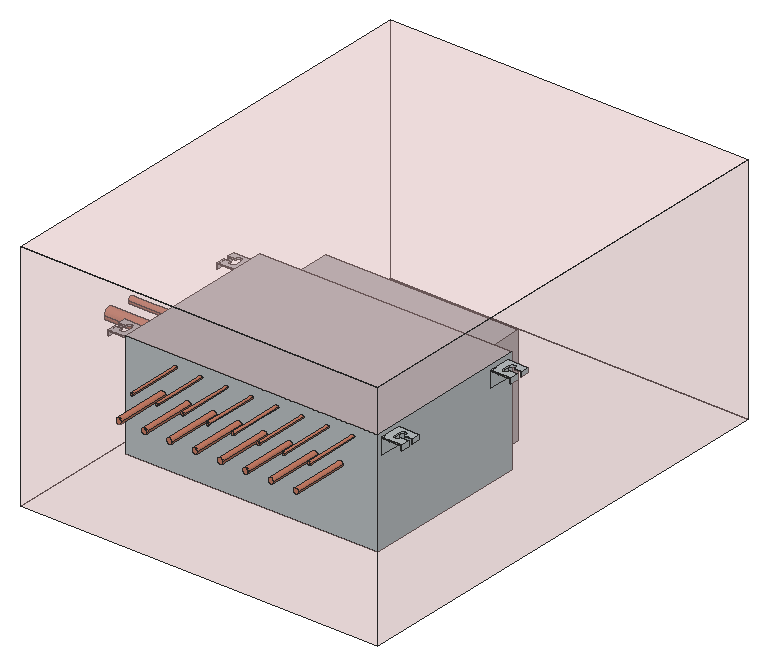
Revit family "CMB-M108V-KB1(-TR)", category 機械設備, Revit 2016
Family settings
  ホスト = 天井
  パーツ タイプ = 標準
  丸型コネクタ寸法 = 半径を使用
  OmniClass 番号 = 23.75.00.00
  OmniClass タイトル = Climate Control (HVAC)
  常に垂直 = はい
  ロード時にボイドで切り取り = いいえ
  共有 = いいえ
  部屋の計算ポイント = いいえ
Parameters (values of type "CMB-M108V-KB1(-TR)_240V_60Hz")
  説明 = "BC controller"
  製造元 = "Mitsubishi Electric Corporation"
  モデル = "CMB-M108V-KB1(-TR)"
  Width = 596.00 mm
  WarrantyStart = ""
  Voltage = 240 V
  Unit Weight (kg) = 31
  URL = "http://www.mitsubishielectric.com/"
  The maximum number of connectable Sub BC controllers = 11
  The maximum connectable capacity of indoor units = "P/M350 for each"
  TagNumber = 0
  Subcategory = "HVAC"
  Space View = yes
  Sound Pressure Level (Rated operation) (dB(A)) = "40"
  Sound Pressure Level (Defrost) (dB(A)) = 53
  Sound Power Level (Rated operation) (dB(A)) = "59"
  Sound Power Level (Defrost) (dB(A)) = 71
  SerialNumber = 0
  ReplacementYear = ""
  Phase = 1
  Number of branch = 8
  InstallationDate = ""
  Hertz = 60 Hz
  Height = 250.00 mm
  Heating Power Input (kW) = 0.06
  Heating Current (A) = 0.25
  External Finish = "Galvanized steel plate\r\n(Lower part drain pan: Pre-coated galvanized sheets + powder coating)"
  Equip_description = ""
  Equip_No. = 0
  Equip_ID = ""
  Drain pipe_radius = 16.00 mm
  Description = ""
  Depth = 476.00 mm
  CreatedOn = ""
  CreatedBy = ""
  Cooling Power Input (kW) = 0.119
  Cooling Current (A) = 0.5
  Connection pipe of other BC controller to P801 to P1000 (Low pressure Pipe)_radius = 20.64 mm
  Connection pipe of other BC controller to P801 to P1000 (Liquid Pipe)_radius = 9.525 mm
  Connection pipe of other BC controller to P801 to P1000 (High pressure Pipe)_radius = 14.29 mm
  Connection pipe of other BC controller to P651 to P800 (Low pressure Pipe)_radius = 17.465 mm
  Connection pipe of other BC controller to P651 to P800 (Liquid Pipe)_radius = 9.525 mm
  Connection pipe of other BC controller to P651 to P800 (High pressure Pipe)_radius = 14.29 mm
  Connection pipe of other BC controller to P601 to P650 (Low pressure Pipe)_radius = 14.29 mm
  Connection pipe of other BC controller to P601 to P650 (Liquid Pipe)_radius = 7.94 mm
  Connection pipe of other BC controller to P601 to P650 (High pressure Pipe)_radius = 14.29 mm
  Connection pipe of other BC controller to P401 to P600 (Low pressure Pipe)_radius = 14.29 mm
  Connection pipe of other BC controller to P401 to P600 (Liquid Pipe)_radius = 7.94 mm
  Connection pipe of other BC controller to P401 to P600 (High pressure Pipe)_radius = 11.10 mm
  Connection pipe of other BC controller to P351 to P400 (Low pressure Pipe)_radius = 14.29 mm
  Connection pipe of other BC controller to P351 to P400 (Liquid Pipe)_radius = 6.35 mm
  Connection pipe of other BC controller to P351 to P400 (High pressure Pipe)_radius = 11.10 mm
  Connection pipe of other BC controller to P301 to P350 (Low pressure Pipe)_radius = 14.29 mm
  Connection pipe of other BC controller to P301 to P350 (Liquid Pipe)_radius = 6.35 mm
  Connection pipe of other BC controller to P301 to P350 (High pressure Pipe)_radius = 9.525 mm
  Connection pipe of other BC controller to P201 to P300 (Low pressure Pipe)_radius = 11.10 mm
  Connection pipe of other BC controller to P201 to P300 (Liquid Pipe)_radius = 4.76 mm
  Connection pipe of other BC controller to P201 to P300 (High pressure Pipe)_radius = 9.525 mm
  Connection pipe of other BC controller to P200/M200 (Low pressure Pipe)_radius = 9.525 mm
  Connection pipe of other BC controller to P200/M200 (Liquid Pipe)_radius = 4.76 mm
  Connection pipe of other BC controller to P200/M200 (High pressure Pipe)_radius = 7.94 mm
  Connection pipe of other BC controller to P1001 ot above (High pressure Pipe)_radius = 17.465 mm
  Connection pipe of other BC controller to P1001 or above (Low pressure Pipe)_radius = 20.64 mm
  Connection pipe of other BC controller to P1001 or above (Liquid Pipe)_radius = 9.525 mm
  Connection pipe of other BC controller to M401 to M450 (Low pressure Pipe)_radius = 14.29 mm
  Connection pipe of other BC controller to M401 to M450 (Liquid Pipe)_radius = 7.94 mm
  Connection pipe of other BC controller to M401 to M450 (High pressure Pipe)_radius = 9.525 mm
  Connection pipe of other BC controller to M351 to M400 (Low pressure Pipe)_radius = 14.29 mm
  Connection pipe of other BC controller to M351 to M400 (Liquid Pipe)_radius = 6.35 mm
  Connection pipe of other BC controller to M351 to M400 (High pressure Pipe)_radius = 9.525 mm
  Connection pipe of other BC controller to M301 to M350 (Low pressure Pipe)_radius = 14.29 mm
  Connection pipe of other BC controller to M301 to M350 (Liquid Pipe)_radius = 6.35 mm
  Connection pipe of other BC controller to M301 to M350 (High pressure Pipe)_radius = 7.94 mm
  Connection pipe of other BC controller to M201 to M300 (Low pressure Pipe)_radius = 11.10 mm
  Connection pipe of other BC controller to M201 to M300 (Liquid Pipe)_radius = 4.76 mm
  Connection pipe of other BC controller to M201 to M300 (High pressure Pipe)_radius = 7.94 mm
  Connection pipe of indoor unit (Liquid Pipe)_radius (O.D.) = "Indoor unit Model 50 or smaller 3.175 Brazed\r\nbigger than 50 4.76 Brazed"
  Connection pipe of indoor unit (Gas Pipe)_radius (O.D.) = "Indoor unit Model 50 or smaller 6.35 Brazed\r\nbigger than 50 7.94 Brazed\r\n(9.525, 11.1 with optional joint pipe used.)"
  Connectable Main BC controller = "CMB-M108/1012/1016V-JA1(-TR), CMB-P1016V-KA1(-TR)"
  Category = ""
  Barcode = ""
  AssetIdentifier = ""
Types (6, lengths in mm): name | Voltage | Hertz | Heating Power Input (kW) | Heating Current (A) | Cooling Power Input (kW) | Cooling Current (A)
  CMB-M108V-KB1(-TR)_220V_50Hz | 220 V | 50 Hz | 0.06 | 0.28 | 0.119 | 0.55
  CMB-M108V-KB1(-TR)_220V_60Hz | 220 V | 60 Hz | 0.048 | 0.22 | 0.096 | 0.44
  CMB-M108V-KB1(-TR)_230V_50Hz | 230 V | 50 Hz | 0.068 | 0.3 | 0.135 | 0.59
  CMB-M108V-KB1(-TR)_230V_60Hz | 230 V | 60 Hz | 0.054 | 0.24 | 0.108 | 0.47
  CMB-M108V-KB1(-TR)_240V_50Hz | 240 V | 50 Hz | 0.076 | 0.32 | 0.151 | 0.63
  CMB-M108V-KB1(-TR)_240V_60Hz | 240 V | 60 Hz | 0.06 | 0.25 | 0.119 | 0.5
Reference planes
  plane 1 "Center (Front/Back)": y = 0
  plane 2: z = 0
  plane 3 "Center (Left/Right)": x = 0
  plane 4 "Ceiling": z = 0
  plane 5: x = 18.001
  plane 6: x = -1461.999
  plane 7: y = 963.043
  plane 8: y = 1625.043
  plane 9: y = 1625.043
  plane 10: y = 1625.043
  plane 11: y = 225.043
  plane 12: y = -424.957
  plane 13: y = -271.474
  plane 14: y = 199
  plane 15: y = -199
  plane 16: x = -298
  plane 17: x = 298
  plane 18: z = 450.005
  plane 19: z = 200.005
Forms (mm)
  Extrusion 1, solid, material "Plated steel"
    sketch origin (-719.999, 26, 4152.985) x (-1, 0, 0) y (0, -1, 0)
      loop
        line (-1017.999, 225) -> (-1017.999, -173) -> (-421.999, -173) -> (-421.999, 225) -> (-1017.999, 225)
    from -3952.98 to -3702.98
  Extrusion 2, solid, material "Plated steel"
    sketch origin (609.8, 1.043, 4123.43) x (-1, 0, 0) y (0, 0, 1)
      loop
        line (813.903, -3678.196) -> (359.8, -3678.196) -> (359.8, -3913.425) -> (813.903, -3913.425) -> (813.903, -3678.196)
    from 197.957 to 275.957
  Extrusion 3, solid, material "Service space", visible <- "Space View"
    sketch origin (0.001, 0.043, 4120) x (1, 0, 0) y (0, 1, 0)
      loop
        line (297.999, -199.043) -> (297.999, 898.957) -> (-548.001, 898.957) -> (-548.001, -199.043) -> (297.999, -199.043)
    from -4120 to -3570
  Extrusion 4, solid, material "Copper"
    sketch origin (5463.716, -199, 4149.796) x (-1, 0, 0) y (0, 0, -1)
      loop
        circle (5643.716, 3724.791) r 3.175
    from 0 to 130
  Extrusion 5, solid, material "Copper"
    sketch origin (5523.716, -199, 4149.796) x (-1, 0, 0) y (0, 0, -1)
      loop
        circle (5643.716, 3724.791) r 3.175
    from 0 to 130
  Extrusion 6, solid, material "Copper"
    sketch origin (5583.716, -199, 4149.796) x (-1, 0, 0) y (0, 0, -1)
      loop
        circle (5643.716, 3724.791) r 3.175
    from 0 to 130
  Extrusion 7, solid, material "Copper"
    sketch origin (5643.716, -199, 4149.796) x (-1, 0, 0) y (0, 0, -1)
      loop
        circle (5643.716, 3724.791) r 3.175
    from 0 to 130
  Extrusion 8, solid, material "Copper"
    sketch origin (5703.716, -199, 4149.796) x (-1, 0, 0) y (0, 0, -1)
      loop
        circle (5643.716, 3724.791) r 3.175
    from 0 to 130
  Extrusion 9, solid, material "Copper"
    sketch origin (5763.716, -199, 4149.796) x (-1, 0, 0) y (0, 0, -1)
      loop
        circle (5643.716, 3724.791) r 3.175
    from 0 to 130
  Extrusion 10, solid, material "Copper"
    sketch origin (5823.716, -199, 4149.796) x (-1, 0, 0) y (0, 0, -1)
      loop
        circle (5643.716, 3724.791) r 3.175
    from 0 to 130
  Extrusion 11, solid, material "Copper"
    sketch origin (5883.716, -199, 4149.796) x (-1, 0, 0) y (0, 0, -1)
      loop
        circle (5643.716, 3724.791) r 3.175
    from 0 to 130
  Extrusion 12, solid, material "Copper"
    sketch origin (5463.716, -199, 4149.796) x (-1, 0, 0) y (0, 0, -1)
      loop
        circle (5673.716, 3792.791) r 6.35
    from 0 to 130
  Extrusion 13, solid, material "Copper"
    sketch origin (5523.716, -199, 4149.796) x (-1, 0, 0) y (0, 0, -1)
      loop
        circle (5673.716, 3792.791) r 6.35
    from 0 to 130
  Extrusion 14, solid, material "Copper"
    sketch origin (5583.716, -199, 4149.796) x (-1, 0, 0) y (0, 0, -1)
      loop
        circle (5673.716, 3792.791) r 6.35
    from 0 to 130
  Extrusion 15, solid, material "Copper"
    sketch origin (5643.716, -199, 4149.796) x (-1, 0, 0) y (0, 0, -1)
      loop
        circle (5673.716, 3792.791) r 6.35
    from 0 to 130
  Extrusion 16, solid, material "Copper"
    sketch origin (5703.716, -199, 4149.796) x (-1, 0, 0) y (0, 0, -1)
      loop
        circle (5673.716, 3792.791) r 6.35
    from 0 to 130
  Extrusion 17, solid, material "Copper"
    sketch origin (5763.716, -199, 4149.796) x (-1, 0, 0) y (0, 0, -1)
      loop
        circle (5673.716, 3792.791) r 6.35
    from 0 to 130
  Extrusion 18, solid, material "Copper"
    sketch origin (5823.716, -199, 4149.796) x (-1, 0, 0) y (0, 0, -1)
      loop
        circle (5673.716, 3792.791) r 6.35
    from 0 to 130
  Extrusion 19, solid, material "Copper"
    sketch origin (5883.716, -199, 4149.796) x (-1, 0, 0) y (0, 0, -1)
      loop
        circle (5673.716, 3792.791) r 6.35
    from 0 to 130
  Extrusion 20, solid, material "Copper"
    sketch origin (-298, 251, 4152.985) x (0, -1, 0) y (0, 0, 1)
      loop
        circle (349, -3740.98) r 14.29
    from 0 to 120
  Extrusion 21, solid, material "Copper"
    sketch origin (-298, 251, 4152.985) x (0, -1, 0) y (0, 0, 1)
      loop
        circle (183, -3823.98) r 9.525
    from 0 to 89
  Extrusion 22, solid
    sketch origin (-298, 251, 4152.985) x (0, -1, 0) y (0, 0, 1)
      loop
        circle (251, -3923.98) r 16
    from 0 to 20
  Extrusion 23, solid, material "Copper"
    sketch origin (-298, 251, 4152.985) x (0, -1, 0) y (0, 0, 1)
      loop
        circle (284, -3740.98) r 7.94
    from 0 to 120
Lines and regions (mm)
  model lines, visible <- "Space View"
    curve 1: line (-225, 899, 0) -> (225, 899, 0)
    curve 2: line (225, 899, 0) -> (225, 449, 0)
    curve 3: line (225, 449, 0) -> (-225, 449, 0)
    curve 4: line (-225, 449, 0) -> (-225, 899, 0)
    curve 5: line (225, 899, 0) -> (-225, 449, 0)
    curve 6: line (-225, 899, 0) -> (225, 449, 0)
Dimensions and locks
  equal spacing: host sketch curve, plane 3 "Center (Left/Right)", host sketch curve
  equal spacing: host sketch curve, plane 1 "Center (Front/Back)", host sketch curve
  host sketch curve to host sketch curve = 4000.00 mm  (x2)
  locked: plane 4 "Ceiling" to host ceiling at 0
  Extrusion 1 sketch curve to Extrusion 1 sketch curve = 596.00 mm  (x2)
  Extrusion 1 sketch curve to Extrusion 1 sketch curve = 398.00 mm
  Extrusion 1 to plane 3 "Center (Left/Right)" = 298.00 mm
  Extrusion 1 to Extrusion 1 = 596.00 mm
  Extrusion 1 to plane 1 "Center (Front/Back)" = 199.00 mm
  Extrusion 2 to Extrusion 2 = 78.00 mm
  Extrusion 1 to Extrusion 4 sketch curve = 118.00 mm
  Extrusion 1 to Extrusion 12 sketch curve = 88.00 mm
  Extrusion 20 sketch curve to Extrusion 1 = 101.00 mm
  Extrusion 1 to Extrusion 20 sketch curve = 38.00 mm
  Extrusion 21 sketch curve to Extrusion 1 = 267.00 mm
  Extrusion 1 to Extrusion 21 sketch curve = 121.00 mm
  Extrusion 22 sketch curve to Extrusion 1 = 199.00 mm
  Extrusion 1 to nested 1 = 35.00 mm
  nested 2 to nested 1 = 323.00 mm
  Extrusion 1 to Extrusion 3 = 99.995 mm
  Extrusion 3 to Extrusion 1 = 200.005 mm
  Extrusion 3 to Extrusion 1 = 250.00 mm
  Extrusion 3 sketch curve to Extrusion 1 = 250.00 mm
  Extrusion 3 to Extrusion 1 = 700.00 mm
  Extrusion 11 to Extrusion 3 = 130.00 mm
  Extrusion 3 to Extrusion 1 = 398.00 mm
  Extrusion 1 to Extrusion 3 = 596.00 mm
  nested 3 to nested 1 = 648.00 mm
  Extrusion 1 to Extrusion 1 = 250.00 mm
  Extrusion 1 to level = 200.005 mm
  Extrusion 3 to Extrusion 1 = 99.995 mm
  Extrusion 1 to Extrusion 22 = 221.00 mm
  Extrusion 1 to Extrusion 22 sketch curve = 221.00 mm
  plane 1 "Center (Front/Back)" to Extrusion 3 = 199.00 mm
  Extrusion 1 to Extrusion 21 = 121.00 mm
  Extrusion 22 to plane 16 = 20.00 mm
  Extrusion 1 to nested 3 = 11.00 mm
  Extrusion 20 to plane 16 = 120.00 mm
  Extrusion 21 to Extrusion 1 = 89.00 mm
  Extrusion 23 sketch curve to Extrusion 1 = 166.00 mm
  Extrusion 1 to Extrusion 23 sketch curve = 38.00 mm
  diameter of Extrusion 4 sketch curve = 6.35 mm
  diameter of Extrusion 5 sketch curve = 6.35 mm
  diameter of Extrusion 6 sketch curve = 6.35 mm
  diameter of Extrusion 7 sketch curve = 6.35 mm
  diameter of Extrusion 8 sketch curve = 6.35 mm
  diameter of Extrusion 9 sketch curve = 6.35 mm
  diameter of Extrusion 10 sketch curve = 6.35 mm
  diameter of Extrusion 11 sketch curve = 6.35 mm
  diameter of Extrusion 12 sketch curve = 12.70 mm
  diameter of Extrusion 13 sketch curve = 12.70 mm
  diameter of Extrusion 14 sketch curve = 12.70 mm
  diameter of Extrusion 15 sketch curve = 12.70 mm
  diameter of Extrusion 16 sketch curve = 12.70 mm
  diameter of Extrusion 17 sketch curve = 12.70 mm
  diameter of Extrusion 18 sketch curve = 12.70 mm
  diameter of Extrusion 19 sketch curve = 12.70 mm
  diameter of Extrusion 20 sketch curve = 28.58 mm
  diameter of Extrusion 21 sketch curve = 19.05 mm
  diameter of Extrusion 22 sketch curve = 32.00 mm
  diameter of Extrusion 20 = 28.58 mm
  diameter of Extrusion 21 = 19.05 mm
  diameter of Extrusion 22 = 32.00 mm
  diameter of Extrusion 23 sketch curve = 15.88 mm
  aligned and locked: Extrusion 2 to Extrusion 1
Nested families
  nested 1: "Leg" at (325, -164, 441.305) x (0, 1, 0) z (0, 0, 1), type "Leg"
  nested 2: "Leg" at (325, 159, 441.305) x (0, 1, 0) z (0, 0, 1), type "Leg"
  nested 3: "Leg" at (-325, -164, 441.305) x (0, 1, 0) z (0, 0, 1), type "Leg"
  nested 4: "Leg" at (-325, 159, 441.305) x (0, 1, 0) z (0, 0, 1), type "Leg"
Connectors
  piping at (-180, -329, 425.005), diameter 6.36
    settings: on Extrusion 4, index 1, connector inside diameter 609.6 mm, connector length 0.00 mm, flow factor 0, pipe flow 0.0 L/s, pressure drop 0.0 Pa, fitting loss kfactor 0, connector angle 0.00°, fixture units 0, engagement length 0.00 mm, angle of deflection 0.00°, flow configuration 0, flow direction 0, fitting loss method 0, system type 22, joint type 0, gender type 0, connector reference index -1, connector utility 0, adjustable connector no, is connector primary yes, connector description "indoor unit (Liquid)"
  piping at (-120, -329, 425.005), diameter 6.36
    settings: on Extrusion 5, index 2, connector inside diameter 609.6 mm, connector length 0.00 mm, flow factor 0, pipe flow 0.0 L/s, pressure drop 0.0 Pa, fitting loss kfactor 0, connector angle 0.00°, fixture units 0, engagement length 0.00 mm, angle of deflection 0.00°, flow configuration 0, flow direction 0, fitting loss method 0, system type 22, joint type 0, gender type 0, connector reference index -1, connector utility 0, adjustable connector no, is connector primary no, connector description "indoor unit (Liquid)"
  piping at (-60, -329, 425.005), diameter 6.36
    settings: on Extrusion 6, index 3, connector inside diameter 609.6 mm, connector length 0.00 mm, flow factor 0, pipe flow 0.0 L/s, pressure drop 0.0 Pa, fitting loss kfactor 0, connector angle 0.00°, fixture units 0, engagement length 0.00 mm, angle of deflection 0.00°, flow configuration 0, flow direction 0, fitting loss method 0, system type 22, joint type 0, gender type 0, connector reference index -1, connector utility 0, adjustable connector no, is connector primary no, connector description "indoor unit (Liquid)"
  piping at (0, -329, 425.005), diameter 6.36
    settings: on Extrusion 7, index 4, connector inside diameter 609.6 mm, connector length 0.00 mm, flow factor 0, pipe flow 0.0 L/s, pressure drop 0.0 Pa, fitting loss kfactor 0, connector angle 0.00°, fixture units 0, engagement length 0.00 mm, angle of deflection 0.00°, flow configuration 0, flow direction 0, fitting loss method 0, system type 22, joint type 0, gender type 0, connector reference index -1, connector utility 0, adjustable connector no, is connector primary no, connector description "indoor unit (Liquid)"
  piping at (60, -329, 425.005), diameter 6.36
    settings: on Extrusion 8, index 5, connector inside diameter 609.6 mm, connector length 0.00 mm, flow factor 0, pipe flow 0.0 L/s, pressure drop 0.0 Pa, fitting loss kfactor 0, connector angle 0.00°, fixture units 0, engagement length 0.00 mm, angle of deflection 0.00°, flow configuration 0, flow direction 0, fitting loss method 0, system type 22, joint type 0, gender type 0, connector reference index -1, connector utility 0, adjustable connector no, is connector primary no, connector description "indoor unit (Liquid)"
  piping at (120, -329, 425.005), diameter 6.36
    settings: on Extrusion 9, index 6, connector inside diameter 609.6 mm, connector length 0.00 mm, flow factor 0, pipe flow 0.0 L/s, pressure drop 0.0 Pa, fitting loss kfactor 0, connector angle 0.00°, fixture units 0, engagement length 0.00 mm, angle of deflection 0.00°, flow configuration 0, flow direction 0, fitting loss method 0, system type 22, joint type 0, gender type 0, connector reference index -1, connector utility 0, adjustable connector no, is connector primary no, connector description "indoor unit (Liquid)"
  piping at (180, -329, 425.005), diameter 6.36
    settings: on Extrusion 10, index 7, connector inside diameter 609.6 mm, connector length 0.00 mm, flow factor 0, pipe flow 0.0 L/s, pressure drop 0.0 Pa, fitting loss kfactor 0, connector angle 0.00°, fixture units 0, engagement length 0.00 mm, angle of deflection 0.00°, flow configuration 0, flow direction 0, fitting loss method 0, system type 22, joint type 0, gender type 0, connector reference index -1, connector utility 0, adjustable connector no, is connector primary no, connector description "indoor unit (Liquid)"
  piping at (240, -329, 425.005), diameter 6.36
    settings: on Extrusion 11, index 8, connector inside diameter 609.6 mm, connector length 0.00 mm, flow factor 0, pipe flow 0.0 L/s, pressure drop 0.0 Pa, fitting loss kfactor 0, connector angle 0.00°, fixture units 0, engagement length 0.00 mm, angle of deflection 0.00°, flow configuration 0, flow direction 0, fitting loss method 0, system type 22, joint type 0, gender type 0, connector reference index -1, connector utility 0, adjustable connector no, is connector primary no, connector description "indoor unit (Liquid)"
  piping at (-210, -329, 357.005), diameter 12.7
    settings: on Extrusion 12, index 9, connector inside diameter 609.6 mm, connector length 0.00 mm, flow factor 0, pipe flow 0.0 L/s, pressure drop 0.0 Pa, fitting loss kfactor 0, connector angle 0.00°, fixture units 0, engagement length 0.00 mm, angle of deflection 0.00°, flow configuration 0, flow direction 0, fitting loss method 0, system type 22, joint type 0, gender type 0, connector reference index -1, connector utility 0, adjustable connector no, is connector primary no, connector description "indoor unit (Gas)"
  piping at (-150, -329, 357.005), diameter 12.7
    settings: on Extrusion 13, index 10, connector inside diameter 609.6 mm, connector length 0.00 mm, flow factor 0, pipe flow 0.0 L/s, pressure drop 0.0 Pa, fitting loss kfactor 0, connector angle 0.00°, fixture units 0, engagement length 0.00 mm, angle of deflection 0.00°, flow configuration 0, flow direction 0, fitting loss method 0, system type 22, joint type 0, gender type 0, connector reference index -1, connector utility 0, adjustable connector no, is connector primary no, connector description "indoor unit (Gas)"
  piping at (-90, -329, 357.005), diameter 12.7
    settings: on Extrusion 14, index 11, connector inside diameter 609.6 mm, connector length 0.00 mm, flow factor 0, pipe flow 0.0 L/s, pressure drop 0.0 Pa, fitting loss kfactor 0, connector angle 0.00°, fixture units 0, engagement length 0.00 mm, angle of deflection 0.00°, flow configuration 0, flow direction 0, fitting loss method 0, system type 22, joint type 0, gender type 0, connector reference index -1, connector utility 0, adjustable connector no, is connector primary no, connector description "indoor unit (Gas)"
  piping at (-30, -329, 357.005), diameter 12.7
    settings: on Extrusion 15, index 12, connector inside diameter 609.6 mm, connector length 0.00 mm, flow factor 0, pipe flow 0.0 L/s, pressure drop 0.0 Pa, fitting loss kfactor 0, connector angle 0.00°, fixture units 0, engagement length 0.00 mm, angle of deflection 0.00°, flow configuration 0, flow direction 0, fitting loss method 0, system type 22, joint type 0, gender type 0, connector reference index -1, connector utility 0, adjustable connector no, is connector primary no, connector description "indoor unit (Gas)"
  piping at (30, -329, 357.005), diameter 12.7
    settings: on Extrusion 16, index 13, connector inside diameter 609.6 mm, connector length 0.00 mm, flow factor 0, pipe flow 0.0 L/s, pressure drop 0.0 Pa, fitting loss kfactor 0, connector angle 0.00°, fixture units 0, engagement length 0.00 mm, angle of deflection 0.00°, flow configuration 0, flow direction 0, fitting loss method 0, system type 22, joint type 0, gender type 0, connector reference index -1, connector utility 0, adjustable connector no, is connector primary no, connector description "indoor unit (Gas)"
  piping at (90, -329, 357.005), diameter 12.7
    settings: on Extrusion 17, index 14, connector inside diameter 609.6 mm, connector length 0.00 mm, flow factor 0, pipe flow 0.0 L/s, pressure drop 0.0 Pa, fitting loss kfactor 0, connector angle 0.00°, fixture units 0, engagement length 0.00 mm, angle of deflection 0.00°, flow configuration 0, flow direction 0, fitting loss method 0, system type 22, joint type 0, gender type 0, connector reference index -1, connector utility 0, adjustable connector no, is connector primary no, connector description "indoor unit (Gas)"
  piping at (150, -329, 357.005), diameter 12.7
    settings: on Extrusion 18, index 15, connector inside diameter 609.6 mm, connector length 0.00 mm, flow factor 0, pipe flow 0.0 L/s, pressure drop 0.0 Pa, fitting loss kfactor 0, connector angle 0.00°, fixture units 0, engagement length 0.00 mm, angle of deflection 0.00°, flow configuration 0, flow direction 0, fitting loss method 0, system type 22, joint type 0, gender type 0, connector reference index -1, connector utility 0, adjustable connector no, is connector primary no, connector description "indoor unit (Gas)"
  piping at (210, -329, 357.005), diameter 12.7
    settings: on Extrusion 19, index 16, connector inside diameter 609.6 mm, connector length 0.00 mm, flow factor 0, pipe flow 0.0 L/s, pressure drop 0.0 Pa, fitting loss kfactor 0, connector angle 0.00°, fixture units 0, engagement length 0.00 mm, angle of deflection 0.00°, flow configuration 0, flow direction 0, fitting loss method 0, system type 22, joint type 0, gender type 0, connector reference index -1, connector utility 0, adjustable connector no, is connector primary no, connector description "indoor unit (Gas)"
  piping at (-418, -98, 412.005), diameter 28.58
    settings: on Extrusion 20, index 17, connector inside diameter 609.6 mm, connector length 0.00 mm, flow factor 0, pipe flow 0.0 L/s, pressure drop 0.0 Pa, fitting loss kfactor 0, connector angle 0.00°, fixture units 0, engagement length 0.00 mm, angle of deflection 0.00°, flow configuration 0, flow direction 0, fitting loss method 0, system type 22, joint type 0, gender type 0, connector reference index -1, connector utility 0, adjustable connector no, is connector primary no, connector description "MAIN BC CONTROLLER(Low pressure)"
  piping at (-387, 68, 329.005), diameter 19.06
    settings: on Extrusion 21, index 19, connector inside diameter 609.6 mm, connector length 0.00 mm, flow factor 0, pipe flow 0.0 L/s, pressure drop 0.0 Pa, fitting loss kfactor 0, connector angle 0.00°, fixture units 0, engagement length 0.00 mm, angle of deflection 0.00°, flow configuration 0, flow direction 0, fitting loss method 0, system type 22, joint type 0, gender type 0, connector reference index -1, connector utility 0, adjustable connector no, is connector primary no, connector description "MAIN BC CONTROLLER(High pressure)"
  piping at (-318, 0, 229.005), diameter 32
    settings: on Extrusion 22, index 20, connector inside diameter 609.6 mm, connector length 0.00 mm, flow factor 0, pipe flow 0.0 L/s, pressure drop 0.0 Pa, fitting loss kfactor 0, connector angle 0.00°, fixture units 0, engagement length 0.00 mm, angle of deflection 0.00°, flow configuration 0, flow direction 2, fitting loss method 0, system type 22, joint type 0, gender type 0, connector reference index -1, connector utility 0, adjustable connector no, is connector primary no, connector description "Drain"
  electrical at (250, 238, 327.62), driven by "Phase", driven by "Voltage"
    settings: on Extrusion 2, index 21, voltage 240 V, apparent load 0 VA, apparent load phase1 0 VA, apparent load phase2 0 VA, apparent load phase3 0 VA, power factor 1, load classification "その他", number of poles 1, system type 30, power factor state 1, is connector primary yes, connector utility no, sub classification motor no, connector description ""
  piping at (-418, -33, 412.005), diameter 15.88
    settings: on Extrusion 23, index 22, connector inside diameter 609.6 mm, connector length 0.00 mm, flow factor 0, pipe flow 0.0 L/s, pressure drop 0.0 Pa, fitting loss kfactor 0, connector angle 0.00°, fixture units 0, engagement length 0.00 mm, angle of deflection 0.00°, flow configuration 0, flow direction 0, fitting loss method 0, system type 22, joint type 0, gender type 0, connector reference index -1, connector utility 0, adjustable connector no, is connector primary no, connector description "MAIN BC CONTROLLER(Liquid)"
Definition of nested family "Leg"
  Parameters (values of type "Leg")
    Assembly Code = ""
    W = 50.00 mm
    H = 43.00 mm
    D = 60.00 mm
  Reference planes
    plane 1: z = 0
    plane 2 "中心(左/右)": x = 0
    plane 3: x = -6
    plane 4: x = 6
    plane 5: x = 25
    plane 6: x = -25
    plane 7: y = -23
    plane 8: y = 27
    plane 9: y = 8
    plane 10: y = -6
    plane 11: y = 37
    plane 12: y = -20.7
    plane 13: y = 24.7
    plane 14: z = -12
    plane 15: z = -40.7
    plane 16: z = -2.3
    plane 17: x = -15
    plane 18: x = 15
    plane 19: x = 8
    plane 20: x = -8
    plane 21: z = -20
    plane 22: z = -38
    plane 23: x = 10
    plane 24: x = -10
    plane 25: y = 1
  Forms (mm)
    Extrusion 1, solid
      sketch origin (0, 0, 0) x (1, 0, 0) y (0, 1, 0)
        loop
          line (-25, -23) -> (25, -23) -> (25, 37) -> (-25, 37) -> (-25, -23)
      from 0 to -43
    Extrusion 2, void
      sketch origin (-25, -7, 0) x (0, 1, 0) y (0, 0, 1)
        loop
          line (44, 0) -> (34, 0) -> (34, -43) -> (44, -43) -> (44, 0)
        loop
          line (31.7, -2.3) -> (-13.7, -2.3) -> (-13.7, -12) -> (-16, -12) -> (-16, -43) -> (31.7, -43) -> (31.7, -2.3)
      from 0 to 50
    Extrusion 3, void
      sketch origin (-25, -23, 0) x (-1, 0, 0) y (0, 0, 1)
        loop
          line (-19, 0) -> (-31, 0) -> (-31, -12) -> (-19, -12) -> (-19, 0)
      from 0 to 2.3
    Extrusion 4, void
      sketch origin (0, 0, 0) x (1, 0, 0) y (0, 1, 0)
        loop
          arc (-8, 8) -> (-15, 1) -> (-8, -6) r 7
          line (-8, -6) -> (-6, -6) -> (-6, -20.7) -> (6, -20.7) -> (6, -6) -> (8, -6)
          arc (8, -6) -> (15, 1) -> (8, 8) r 7
          line (8, 8) -> (-8, 8)
      from 0 to -2.3
    Extrusion 5, void
      sketch origin (0, 0, 0) x (1, 0, 0) y (0, 0, 1)
        loop
          circle (0, -20) r 3.5
      from -27 to -24.7
    Extrusion 6, void
      sketch origin (25, 37, 0) x (1, 0, 0) y (0, 0, 1)
        loop
          line (0, -38) -> (-50, -38) -> (-50, -43) -> (0, -43) -> (0, -38)
      from 0 to 12.3
  Cuts and joins
    Extrusion 2, Extrusion 3, Extrusion 4, Extrusion 5, Extrusion 6 cuts Extrusion 1
  Dimensions and locks
    equal spacing: plane 6, plane 2 "中心(左/右)", plane 5
    "W": plane 6 to plane 5
    "D": plane 7 to plane 11
    aligned and locked: level to plane 1
    aligned and locked: Extrusion 5 to Extrusion 2
  Automatic sketch dimensions
    Extrusion 1 sketch curve to plane 6 = 0.00 mm
    Extrusion 1 sketch curve to plane 5 = 0.00 mm
    plane 7 to Extrusion 1 sketch curve = 0.00 mm
    plane 11 to Extrusion 1 sketch curve = 0.00 mm
    Extrusion 3 sketch curve to Extrusion 1 = 0.00 mm
    Extrusion 1 to Extrusion 3 sketch curve = 19.00 mm
    Extrusion 3 sketch curve to Extrusion 3 sketch curve = 12.00 mm
    Extrusion 1 to Extrusion 3 sketch curve = 12.00 mm
    plane 9 to Extrusion 4 sketch curve = 0.00 mm
    Extrusion 4 sketch curve to plane 20 = 0.00 mm
    Extrusion 4 sketch curve to plane 3 = 0.00 mm
    Extrusion 4 sketch curve to plane 4 = 0.00 mm
    plane 10 to Extrusion 4 sketch curve = 0.00 mm  (x2)
    Extrusion 4 sketch curve to plane 19 = 0.00 mm
    Extrusion 4 sketch curve to plane 12 = 0.00 mm
    Extrusion 5 sketch curve to plane 2 "中心(左/右)" = 0.00 mm
    Extrusion 5 sketch curve to plane 21 = 0.00 mm
    Extrusion 6 sketch curve to Extrusion 1 = 0.00 mm  (x2)
    Extrusion 1 to Extrusion 6 sketch curve = 50.00 mm
    Extrusion 1 to Extrusion 6 sketch curve = 5.00 mm
    Extrusion 2 sketch curve to Extrusion 1 = 0.00 mm  (x3)
    Extrusion 1 to Extrusion 2 sketch curve = 0.00 mm  (x2)
    Extrusion 1 to Extrusion 2 sketch curve = 2.30 mm
    Extrusion 2 sketch curve to Extrusion 1 = 12.30 mm
    Extrusion 2 sketch curve to Extrusion 2 sketch curve = 2.30 mm
    Extrusion 2 sketch curve to Extrusion 1 = 12.00 mm
    Extrusion 2 sketch curve to Extrusion 1 = 2.30 mm
    radius of Extrusion 5 sketch curve = 3.50 mm
